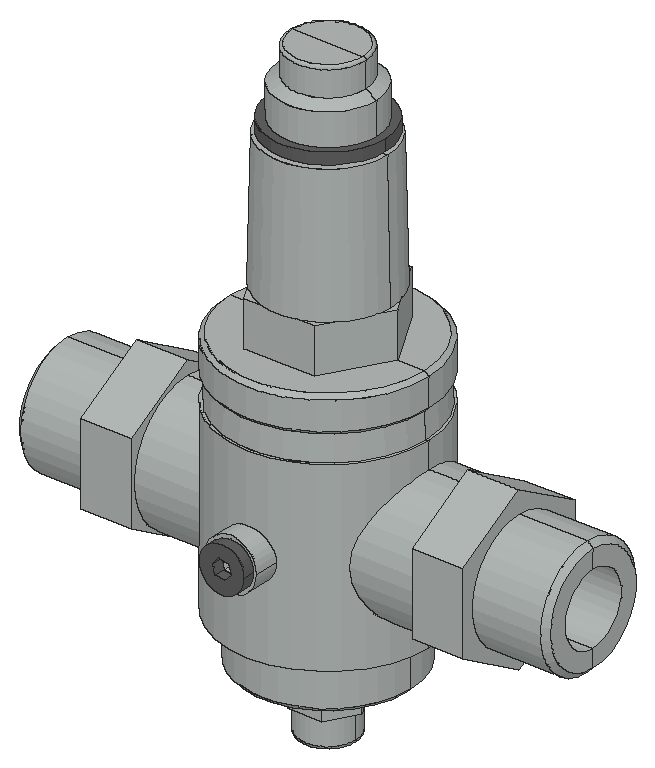
Revit family "HS00140000", category Apparecchi idraulici, Revit 2020
Family settings
  Quota connettore circolare = Usa diametro
  Tipo di parte = Normale
  Numero OmniClass = 23.45.00.00
  Titolo OmniClass = Sanitary, Laundry, and Cleaning Equipment
  Basato su piano di lavoro = No
  Sempre verticale = Sì
  Taglio con vuoti quando caricato = No
  Condiviso = No
  Punto di calcolo locali = No
Parameters
  URL = "https://web.cimberio.it/index.php/figura/1420?subcategoria_id=42"
  Temperatura di esercizio = "0 ÷ 80°C"
  Prospetto di default = 0 mm
  Produttore = "CIMBERIO SPA"
  Pressione nominale = "PN 25"
  Modello = "Cim 1420N"
  Materiale = "Prodotto in lega di ottone conforme alla norma EN 12165-CW617N-DW."
  Descrizione = "Utilizzato nei più svariati settori dell'impiantistica: reti di distribuzione acqua potabile, impianti di riscaldamento, condizionamento, igienico-sanitari e in generale con ogni fluido non corrosivo."
  DN Model [instance] = HS00141032 : HS00141032
  DN [instance] = 32 mm
  Commenti sul tipo = "Realizzato in ottemperanza ai requisiti gestionali della norma EN ISO 9001. Collaudato al 100% secondo la normativa EN 12266-1."
Reference planes
  plane 1 "Centro (Fronte/Retro)": y = 0
  plane 2: z = 0
  plane 3 "Centro (Sinistra/Destra)": x = 0
Dimensions and locks
  aligned and locked: level to plane 2
Nested families
  nested 1: "HS00141032" at (0, 0, 0), type <- "DN Model", type "HS00141032"
  nested 2: "HS00141032" at (0, 0, 0), type <- "DN Model", type "HS00141032"
  nested 3: "HS00141032" at (0, 0, 0), type <- "DN Model", type "HS00141032"
  nested 4: "HS00141032" at (0, 0, 0), type <- "DN Model", type "HS00141032"
Connectors
  piping at (94.5, 0, 0), diameter 32, driven by "DN"
    settings: on nested 1, index 1, connector inside diameter 609.6 mm, connector length 0 mm, flow factor 0, pipe flow 0.0 L/s, pressure drop 0.0 Pa, fitting loss kfactor 0, connector angle 0.00°, fixture units 0, engagement length 0 mm, angle of deflection 0.00°, flow configuration 0, flow direction 0, fitting loss method 0, system type 7, joint type 0, gender type 0, connector reference index -1, connector utility 0, adjustable connector no, is connector primary yes, connector description ""
  piping at (-94.5, 0, 0), diameter 32, driven by "DN"
    settings: on nested 1, index 2, connector inside diameter 609.6 mm, connector length 0 mm, flow factor 0, pipe flow 0.0 L/s, pressure drop 0.0 Pa, fitting loss kfactor 0, connector angle 0.00°, fixture units 0, engagement length 0 mm, angle of deflection 0.00°, flow configuration 0, flow direction 0, fitting loss method 0, system type 7, joint type 0, gender type 0, connector reference index -1, connector utility 0, adjustable connector no, is connector primary no, connector description ""
Definition of nested family "HS00141032"
  Parameters (values of type "HS00141032")
    Default Elevation = 0 mm
  Reference planes
    plane 1 "Centro (Fronte/Retro)": y = 0
    plane 2: z = 0
    plane 3 "Centro (Sinistra/Destra)": x = 0
  Forms (mm)
    Revolve 1, solid
      sketch origin (0, 0, 4.5) x (1, 0, 0) y (0, 0, 1)
        loop
          line (-16, 50.5) -> (-34.5, 50.5) -> (-36, 49) -> (-36, 39) -> (-34.5, 37.5) -> (-34.972, 28.501) -> (-36, 28.501) -> (-36, -37.5) -> (-31, -37.5) -> (-29.5, -40) -> (-29.5, -53) -> (-28, -54.5) -> (-16, -54.5) -> (-16, 50.5)
        axis (0, 50.5) -> (0, -54.5)
      angle from 0 to 360
    Revolve 2, solid
      sketch origin (0, 0, 63.5) x (1, 0, 0) y (0, 0, 1)
        loop
          line (0, 83.95) -> (-12.5, 83.95)
          arc (-12.5, 83.95) -> (-13.207, 83.657) -> (-13.5, 82.95) r 1
          line (-13.5, 82.95) -> (-13.5, 73.95) -> (-17.5, 71.641) -> (-17.5, 55.6) -> (-21.5, 55.6) -> (-22.5, 7.35) -> (0, 7.35) -> (0, 83.95)
        axis (0, 83.95) -> (0, 7.35)
      angle from 0 to 360
    Revolve 3, solid
      sketch origin (0, 0, 0) x (1, 0, 0) y (0, 0, 1)
        loop
          line (-58, 16) -> (-22.731, 16) -> (-22.731, 24) -> (-57.36, 24) -> (-58, 23.5) -> (-58, 16)
        axis (-58, 0) -> (-22.731, 0)
      angle from 0 to 360
    Extrusion 4, solid
      sketch origin (0, 0, 0) x (1, 0, 0) y (0, 1, 0)
        loop
          line (12, 0) -> (6, 10.392) -> (-6, 10.392) -> (-12, 0) -> (-6, -10.392) -> (6, -10.392) -> (12, 0)
      from -62.5 to -50
    Revolve 5, solid
      sketch origin (0, 0, -22.5) x (1, 0, 0) y (0, 0, 1)
        loop
          line (0, -40) -> (0, -50.056) -> (9, -50.056)
          arc (9, -50.056) -> (9.707, -49.763) -> (10, -49.056) r 1
          line (10, -49.056) -> (10, -40) -> (0, -40)
        axis (0, -40) -> (0, -50.056)
      angle from 0 to 360
    Extrusion 6, solid
      sketch origin (0, 0, 8.063) x (1, 0, 0) y (0, 1, 0)
        loop
          circle (0, 0) r 17
        loop
          circle (0, 0) r 20.5
      from 111.937 to 115.937
    Extrusion 7, solid
      sketch origin (0, 0, 0) x (1, 0, 0) y (0, 0, 1)
        loop
          circle (0, 0) r 9.25
        loop
          line (-1.055, 3.299) -> (-3.385, 0.736) -> (-2.33, -2.564) -> (1.055, -3.299) -> (3.385, -0.736) -> (2.33, 2.564) -> (-1.055, 3.299)
      from -43.25 to 43.25
    Extrusion 8, solid
      sketch origin (0, 0, 0) x (1, 0, 0) y (0, 0, 1)
        loop
          circle (0, 0) r 8
        loop
          line (-3.385, 0.736) -> (-2.33, -2.564) -> (1.055, -3.299) -> (3.385, -0.736) -> (2.33, 2.564) -> (-1.055, 3.299) -> (-3.385, 0.736)
      from 43.25 to 47.245
    Extrusion 9, solid
      sketch origin (0, 0, 0) x (1, 0, 0) y (0, 0, -1)
        loop
          circle (0, 0) r 8
        loop
          line (-3.385, -0.736) -> (-1.055, -3.299) -> (2.33, -2.564) -> (3.385, 0.736) -> (1.055, 3.299) -> (-2.33, 2.564) -> (-3.385, -0.736)
      from 43.25 to 47.256
    Extrusion 10, solid
      sketch origin (0, 0, 0) x (0, -1, 0) y (1, 0, 0)
        loop
          line (0, 25) -> (-21.651, 12.5) -> (-21.651, -12.5) -> (0, -25) -> (21.651, -12.5) -> (21.651, 12.5) -> (0, 25)
      from 55 to 70.85
    Revolve 11, solid
      sketch origin (0, 0, 0) x (-1, 0, 0) y (0, 0, 1)
        loop
          line (-58, 16) -> (-22.731, 16) -> (-22.731, 24) -> (-57.36, 24) -> (-58, 23.5) -> (-58, 16)
        axis (-58, 0) -> (-22.731, 0)
      angle from 0 to 360
    Extrusion 12, solid
      sketch origin (0, 0, 0) x (0, 1, 0) y (0, 0, 1)
        loop
          circle (0, 0) r 16
        loop
          line (0, 28.75) -> (-24.898, 14.375) -> (-24.898, -14.375) -> (0, -28.75) -> (24.898, -14.375) -> (24.898, 14.375) -> (0, 28.75)
      from -68 to -50
    Revolve 13, solid
      sketch origin (0, 0, 0) x (1, 0, 0) y (0, 0, 1)
        loop
          line (-94.5, 12.656) -> (-68, 12.656) -> (-68, 21) -> (-92.5, 21) -> (-94.5, 19) -> (-94.5, 12.656)
        axis (-94.5, 0) -> (-68, 0)
      angle from 0 to 360
    Extrusion 14, solid
      sketch origin (0, 0, 0) x (0, 1, 0) y (0, 0, -1)
        loop
          circle (0, 0) r 16
        loop
          line (0, -28.75) -> (24.898, -14.375) -> (24.898, 14.375) -> (0, 28.75) -> (-24.898, 14.375) -> (-24.898, -14.375) -> (0, -28.75)
      from -68 to -50
    Revolve 15, solid
      sketch origin (0, 0, 0) x (-1, 0, 0) y (0, 0, 1)
        loop
          line (-94.5, 12.656) -> (-68, 12.656) -> (-68, 21) -> (-92.5, 21) -> (-94.5, 19) -> (-94.5, 12.656)
        axis (-94.5, 0) -> (-68, 0)
      angle from 0 to 360
  Dimensions and locks
    aligned and locked: level to plane 2
